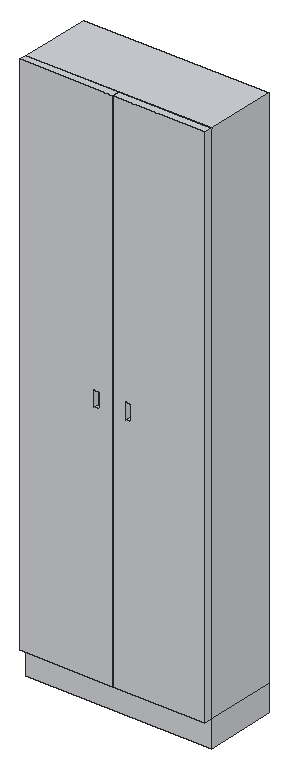
Revit family "21300_制御盤", category Electrical Equipment, Revit 2020
Family settings
  Panel Configuration = Two Columns, Circuits Across
  Round Connector Dimension = Use Diameter
  Part Type = Panelboard
  OmniClass Number = 23.80.30.11.17
  OmniClass Title = Distribution Boards and Control Panels
  Work Plane-Based = No
  Always vertical = Yes
  Cut with Voids When Loaded = No
  Shared = No
  Room Calculation Point = No
Parameters (values of type "両扉")
  非常放送端子 = 0
  電話端子 = ""
  電源種別_記号 [instance] = "A"
  電源種別 = "一般"
  開閉形式 = "両開き"
  運転質量 = 0.00 kg
  質量 = 0.00 kg
  負荷種別_記号 [instance] = "L"
  負荷種別 = "動力"
  負荷分類 = 6_その他_動力
  設置方法 = "床"
  設置年月 [instance] = ""
  記号 [instance] = 盤記号  # ""
  製造番号 [instance] = ""
  製品質量 = 300.00 kg
  製品出荷対象 = ""
  製品リリース年月 = ""
  製品グループ = ""
  系統 [instance] = ""
  符号 = "P"
  積算_科目2 = ""
  積算_科目 = "2 動力設備"
  積算_拾い区分 [instance] = ""
  積算_中科目 = ""
  相 = 3
  盤記号2 [instance] = ""
  盤記号 [instance] = ""
  盤仕様記号 = "T"
  特殊仕様 = "一般形(露出形、ドアあり)"
  法定耐用年数 = "15"
  機械基礎質量 [instance] = 0.00 kg
  機械基礎 [instance] = no
  極数 [instance] = 3
  材質_本体 = none
  材質 [instance] = ""
  Default Elevation = 0 mm
  形式2 = "露出形"
  形式 = "屋内形"
  幹線通し番号 [instance] = 11
  幹線記号 [instance] = "AL11 ー 11"
  左扉 = no
  定格入力電圧 [instance] = 200 V
  変圧器通し番号 [instance] = 幹線通し番号  # 11
  呼称 = "制御盤"
  名称 [instance] = ""
  右扉 = no
  取扱説明書URL = ""
  参照している仕様書等のバージョン = ""
  分類コード = "40201150100000"
  分類グループ = ""
  企業コード = ""
  付属品 [instance] = ""
  仕様書バージョン = "Version1.0"
  予備端子 = 0
  予備スペース = ""
  両扉 = yes
  built-in parameter 1155100 [instance] = -1
  トイレ非常呼出端子 = 0
  テレビ端子 = ""
  built-in parameter 1140142 [instance] = -1
  コメント [instance] = ""
  Keynote = ""
  キャビネット形式記号 = "V"
  キャビネット形式 = "自立形"
  インターホン端子 = 0
  Width_right_door [instance] = Width / 2  # 350 mm
  Width_left_door [instance] = Width / 2  # 350 mm
  Width [instance] = 700 mm
  Version = ""
  Uniclass2015Version = "Systems v1.9"
  Uniclass2015Title = "Distribution boards"
  Uniclass2015Code = "Pr_60_70_22_22"
  SpecificationReference = ""
  SpecificationDescription = ""
  Revision = ""
  ProductInformation = ""
  OmniClassCode = "23.80.30.11.17"
  built-in parameter 1140140 [instance] = 1 (stored number, unit not read)
  IfcTypeProduct = ""
  IfcProduct = ""
  IfcExportType = "MOTORCONTROLCENTRE"
  IfcExportAs = "IfcElectricDistributionBoardType"
  Height [instance] = 2100 mm
  FamilyVersion = "ver1.6"
  Depth [instance] = 300 mm
  Clearance Top = 0 mm
  Clearance Right = 0 mm
  Clearance Left = 0 mm
  Clearance Front_Door [instance] = if(両扉, Width / 2, if(右扉, Width, if(左扉, Width, 0 mm)))  # 350 mm
  Clearance Front = 0 mm
  Clearance Bottom = 0 mm
  Clearance Back = 0 mm
  Author = "Revit User Group Japan"
Reference planes
  plane 1: y = 0
  plane 2: z = 0
  plane 3: x = 0
  plane 4: y = -320
  plane 5: x = -350
  plane 6: x = 350
  plane 7: z = 0
  plane 8: x = -330
  plane 9: x = 330
  plane 10: y = -70
  plane 11: y = -350
  plane 12: z = 0
  plane 13: y = -50
  plane 14: y = -400
  plane 15: z = 2100
  plane 16: z = 2080
  plane 17: z = 100
Forms (mm)
  Extrusion 1, solid, material <- "材質_本体"
    sketch origin (0, -50, 0) x (1, 0, 0) y (0, 1, 0)
      loop
        line (-350, -270) -> (350, -270) -> (350, 0) -> (-350, 0) -> (-350, -270)
    from 0 to 100
  Extrusion 2, solid, material <- "材質_本体"
    sketch origin (0, -50, 0) x (1, 0, 0) y (0, 1, 0)
      loop
        line (-350, -270) -> (-330, -270) -> (-330, -20) -> (330, -20) -> (330, -270) -> (350, -270) -> (350, 0) -> (-350, 0) -> (-350, -270)
    from 2080 to 100
  Extrusion 3, solid, material <- "材質_本体"
    sketch origin (0, -50, 0) x (1, 0, 0) y (0, 1, 0)
      loop
        line (-350, -270) -> (350, -270) -> (350, 0) -> (-350, 0) -> (-350, -270)
    from 2080 to 2100
Cuts and joins
  joined: Extrusion 2, Extrusion 3
Lines and regions (mm)
  symbolic lines, detail levels fine
    curve 1: line (350, -50, 0) -> (-350, -50, 0)
    curve 2: line (-350, -50, 0) -> (-350, -320, 0)
    curve 3: line (-350, -350, 0) -> (-350, -320, 0)
    curve 4: line (-350, -320, 0) -> (350, -320, 0)
    curve 5: line (-350, -350, 0) -> (350, -350, 0)
    curve 6: line (350, -350, 0) -> (350, -320, 0)
    curve 7: line (350, -320, 0) -> (350, -50, 0)
  symbolic lines, style "サービススペース", detail levels fine
    curve 8: line (-350, -50, 0) -> (-350, -350, 0)
    curve 9: line (350, -50, 0) -> (-350, -50, 0)
    curve 10: line (350, -350, 0) -> (350, -50, 0)
    curve 11: line (-350, -350, 0) -> (350, -350, 0)
  symbolic lines, style "サービススペース", visible <- "右扉", detail levels fine
    curve 12: arc (-350.01, -350, 0) -> (-144.98, -844.985, 0) -> (350.005, -1050.014, 0) r 700.014
    curve 13: line (350.005, -1050.014, 0) -> (350, -50, 0)
  symbolic lines, style "サービススペース", visible <- "左扉", detail levels fine
    curve 14: arc (350, -350, 0) -> (144.975, -844.975, 0) -> (-350, -1050, 0) r 700
    curve 15: line (-350, -1050, 0) -> (-350, -350, 0)
  symbolic lines, style "サービススペース", visible <- "両扉", detail levels fine
    curve 16: arc (0, -350, 0) -> (102.513, -597.487, 0) -> (350, -700, 0) r 350
    curve 17: line (350, -350, 0) -> (350, -700, 0)
    curve 18: arc (0, -350, 0) -> (-102.513, -597.487, 0) -> (-350, -700, 0) r 350
    curve 19: line (-350, -350, 0) -> (-350, -700, 0)
Dimensions and locks
  equal spacing: plane 5, plane 3, plane 6
  "Width": plane 5 to plane 6
  locked: plane 5 to plane 8 at 20
  locked: plane 9 to plane 6 at 20
  locked: plane 7 to plane 2
  "Depth": plane 11 to plane 13
  locked: plane 13 to plane 1 at 50
  locked: plane 10 to plane 13 at 20
  locked: plane 11 to plane 4 at 30
  plane 14 to plane 1 = 400 mm
  locked: plane 17 to plane 7 at 100
  "Height": plane 15 to plane 7
  locked: plane 15 to plane 16 at 20
  aligned and locked: level to plane 2
  aligned and locked: plane 4 to Extrusion 1 sketch curve
  aligned and locked: plane 5 to Extrusion 1 sketch curve
  aligned and locked: plane 6 to Extrusion 1 sketch curve
  aligned and locked: plane 5 to Extrusion 2
  aligned and locked: Extrusion 2 to plane 8
  aligned and locked: plane 10 to Extrusion 2
  aligned and locked: plane 6 to Extrusion 2
  aligned and locked: Extrusion 2 to plane 9
  aligned and locked: plane 4 to Extrusion 2  (x2)
  aligned and locked: Extrusion 3 sketch curve to Extrusion 1  (x4)
  aligned and locked: plane 6 to cut or joined group of Extrusion 2, Extrusion 3
  aligned and locked: plane 5 to nested 1
  aligned and locked: plane 5 to cut or joined group of Extrusion 2, Extrusion 3
  aligned and locked: plane 11 to nested 1  (x2)
  aligned and locked: plane 4 to nested 1
  aligned and locked: plane 4 to nested 2
  aligned and locked: plane 11 to nested 2  (x3)
  aligned and locked: plane 4 to nested 3
  aligned and locked: plane 11 to nested 3  (x3)
  aligned and locked: nested 2 to plane 5
  aligned and locked: plane 4 to cut or joined group of Extrusion 2, Extrusion 3
  aligned and locked: plane 4 to Extrusion 1
  aligned and locked: nested 2 to plane 4  (x2)
  aligned and locked: nested 3 to plane 4  (x2)
  aligned and locked: plane 5 to nested 3
  aligned and locked: nested 1 to plane 4  (x2)
  aligned and locked: plane 6 to Extrusion 1
  aligned and locked: cut or joined group of Extrusion 2, Extrusion 3 to plane 13
  aligned and locked: Extrusion 1 to plane 13
  aligned and locked: plane 15 to cut or joined group of Extrusion 2, Extrusion 3
  aligned and locked: cut or joined group of Extrusion 2, Extrusion 3 to plane 16
  aligned and locked: plane 16 to cut or joined group of Extrusion 2, Extrusion 3
  aligned and locked: plane 17 to Extrusion 1
  aligned and locked: cut or joined group of Extrusion 2, Extrusion 3 to plane 17
  aligned and locked: plane 17 to nested 3
  aligned and locked: plane 17 to nested 2
  aligned and locked: plane 17 to nested 1
  aligned and locked: Extrusion 1 to plane 7
  aligned and locked: curve 1 to cut or joined group of Extrusion 2, Extrusion 3
  aligned and locked: curve 2 to cut or joined group of Extrusion 2, Extrusion 3
  aligned and locked: curve 3 to nested 2
  aligned and locked: curve 4 to nested 3
  aligned and locked: curve 5 to nested 3
  aligned and locked: curve 7 to cut or joined group of Extrusion 2, Extrusion 3
  aligned and locked: plane 3 to nested 4
  aligned and locked: plane 13 to nested 4
Automatic sketch dimensions
  plane 4 to Extrusion 2 sketch curve = 0 mm  (x2)
  Extrusion 2 sketch curve to plane 5 = 0 mm
  Extrusion 2 sketch curve to plane 8 = 0 mm
  Extrusion 2 sketch curve to plane 9 = 0 mm
  Extrusion 2 sketch curve to plane 6 = 0 mm
  plane 10 to Extrusion 2 sketch curve = 0 mm
  plane 1 to Extrusion 2 sketch curve = 50 mm
  plane 13 to Extrusion 1 sketch curve = 0 mm
  plane 11 to curve 12 = 0 mm
  curve 8 to plane 5 = 0 mm
  curve 18 to plane 3 = 0 mm
  curve 16 to plane 3 = 0 mm
  curve 9 to plane 6 = 0 mm
  plane 13 to curve 9 = 0 mm
  curve 10 to curve 12 = 0.005 mm
  curve 13 to curve 17 = 350.014 mm
Nested families
  nested 1: "両扉" at (0, -320, 0), visible <- "両扉", type "両扉"
  nested 2: "右扉" at (-350, -320, 0), visible <- "右扉", type "右扉"
  nested 3: "左扉" at (350, -320, 0), visible <- "左扉", type "左扉"
  nested 4: "シンボル" at (0, -50, 0), Depth <- "Depth", Width <- "Width", type "シンボル"
    with Width 700 mm, Depth 300 mm
Connectors
  electrical at (0, -185, 2100), driven by "極数", driven by "負荷分類", driven by "定格入力電圧"
    settings: on cut or joined group of Extrusion 2, Extrusion 3, index 1, voltage 200 V, apparent load 0 VA, apparent load phase1 0 VA, apparent load phase2 0 VA, apparent load phase3 0 VA, power factor 1, load classification "6_その他_動力", number of poles 3, system type 30, power factor state 1, is connector primary yes, connector utility no, sub classification motor no, connector description ""
Definition of nested family "両扉"
  Parameters (values of type "両扉")
    Default Elevation = 0 mm
    扉 = none
    h1 = Height / 2  # 1000 mm
    Width_right_door = 350 mm
    Width_left_door = 350 mm
    Height = 2000 mm
    Depth = 30 mm
  Reference planes
    plane 1 "中心(正面/背面)": y = 0
    plane 2: z = 0
    plane 3 "中心(左/右)": x = 0
    plane 4: y = -30
    plane 5: y = -10
    plane 6: x = -350
    plane 7: z = 100
    plane 8: z = 2000
    plane 9: x = 350
    plane 10: x = 50
    plane 11: x = -50
    plane 12: x = 70
    plane 13: x = -70
    plane 14: z = 1000
    plane 15: z = 970
    plane 16: z = 1030
  Forms (mm)
    Extrusion 1, solid, material <- "扉"
      sketch origin (600, 0, 0) x (1, 0, 0) y (0, 1, 0)
        loop
          line (-600, -30) -> (-250, -30) -> (-250, 0) -> (-600, 0) -> (-600, -30)
      from 2000 to 100
    Extrusion 2, void
      sketch origin (600, 0, 0) x (1, 0, 0) y (0, 0, 1)
        loop
          line (-550, 970) -> (-530, 970) -> (-530, 1030) -> (-550, 1030) -> (-550, 970)
      from 193.475 to 10
    Extrusion 3, solid, material <- "扉"
      sketch origin (-600, 0, 0) x (1, 0, 0) y (0, 1, 0)
        loop
          line (250, -30) -> (600, -30) -> (600, 0) -> (250, 0) -> (250, -30)
      from 2000 to 100
    Extrusion 4, void
      sketch origin (0, 0, 0) x (1, 0, 0) y (0, 0, 1)
        loop
          line (-70, 970) -> (-50, 970) -> (-50, 1030) -> (-70, 1030) -> (-70, 970)
      from 150 to 10
  Cuts and joins
    Extrusion 2 cuts Extrusion 1
    Extrusion 4 cuts Extrusion 3
  Dimensions and locks
    locked: plane 7 to plane 2 at 100
    "Depth": plane 4 to plane 1 "中心(正面/背面)"
    "Width_left_door": plane 6 to plane 3 "中心(左/右)"
    "Width_right_door": plane 3 "中心(左/右)" to plane 9
    "Height": plane 8 to plane 2
    plane 13 to plane 11 to plane 3 "中心(左/右)" to plane 10 to plane 12 = 20 mm locked, 50 mm locked, 50 mm locked, 20 mm locked
    locked: plane 4 to plane 5 at 20
    plane 16 to plane 15 = 60 mm
    equal spacing: plane 16, plane 14, plane 15
    "h1": plane 14 to plane 2
    aligned and locked: level to plane 2
    aligned and locked: plane 4 to Extrusion 1 sketch curve
    aligned and locked: cut or joined group of Extrusion 1, Extrusion 2 to plane 3 "中心(左/右)"
    aligned and locked: plane 9 to cut or joined group of Extrusion 1, Extrusion 2
    aligned and locked: cut or joined group of Extrusion 1, Extrusion 2 to plane 1 "中心(正面/背面)"
    aligned and locked: plane 4 to cut or joined group of Extrusion 1, Extrusion 2  (x2)
    aligned and locked: cut or joined group of Extrusion 1, Extrusion 2 to plane 7
    aligned and locked: plane 8 to cut or joined group of Extrusion 1, Extrusion 2
    aligned and locked: Extrusion 3 to plane 1 "中心(正面/背面)"
    aligned and locked: plane 3 "中心(左/右)" to Extrusion 3
    aligned and locked: plane 6 to Extrusion 3
    aligned and locked: plane 4 to Extrusion 3
    aligned and locked: plane 8 to Extrusion 3
    aligned and locked: Extrusion 3 to plane 7
    aligned and locked: plane 13 to Extrusion 4 sketch curve
    aligned and locked: Extrusion 4 sketch curve to plane 11
    aligned and locked: cut or joined group of Extrusion 3, Extrusion 4 to plane 15
    aligned and locked: cut or joined group of Extrusion 1, Extrusion 2 to plane 15
    aligned and locked: plane 16 to cut or joined group of Extrusion 3, Extrusion 4
    aligned and locked: plane 16 to cut or joined group of Extrusion 1, Extrusion 2
    aligned and locked: cut or joined group of Extrusion 1, Extrusion 2 to plane 10
    aligned and locked: plane 12 to cut or joined group of Extrusion 1, Extrusion 2
  Automatic sketch dimensions
    plane 1 "中心(正面/背面)" to Extrusion 1 sketch curve = 0 mm
    Extrusion 1 sketch curve to plane 3 "中心(左/右)" = 0 mm
    Extrusion 1 sketch curve to plane 9 = 0 mm
    Extrusion 2 sketch curve to plane 10 = 0 mm
    Extrusion 2 sketch curve to plane 12 = 0 mm
    Extrusion 3 sketch curve to plane 5 = 10 mm
    Extrusion 3 sketch curve to plane 6 = 0 mm
    Extrusion 3 sketch curve to plane 3 "中心(左/右)" = 0 mm
    plane 4 to Extrusion 3 sketch curve = 0 mm
    Extrusion 4 sketch curve to plane 16 = 0 mm
    Extrusion 2 sketch curve to plane 15 = 0 mm
    Extrusion 4 sketch curve to plane 15 = 0 mm
    Extrusion 2 sketch curve to plane 16 = 0 mm
Definition of nested family "右扉"
  Parameters (values of type "右扉")
    Default Elevation = 0 mm
    扉 = none
    h1 = Height / 2  # 1000 mm
    Width = 700 mm
    Height = 2000 mm
    Depth = 30 mm
  Reference planes
    plane 1 "中心(正面/背面)": y = 0
    plane 2: z = 0
    plane 3 "中心(左/右)": x = 0
    plane 4: x = 50
    plane 5: x = 70
    plane 6: z = 100
    plane 7: z = 2000
    plane 8: y = -30
    plane 9: y = -10
    plane 10: x = 700
    plane 11: z = 1000
    plane 12: z = 1030
    plane 13: z = 970
  Forms (mm)
    Extrusion 1, solid, material <- "扉"
      sketch origin (300, 0, 0) x (1, 0, 0) y (0, 1, 0)
        loop
          line (-300, -30) -> (400, -30) -> (400, 0) -> (-300, 0) -> (-300, -30)
      from 2000 to 100
    Extrusion 2, void
      sketch origin (300, 0, 0) x (1, 0, 0) y (0, 0, 1)
        loop
          line (-250, 970) -> (-230, 970) -> (-230, 1030) -> (-250, 1030) -> (-250, 970)
      from 1000 to 10
  Cuts and joins
    Extrusion 2 cuts Extrusion 1
  Dimensions and locks
    locked: plane 6 to plane 2 at 100
    "Width": plane 3 "中心(左/右)" to plane 10
    "Depth": plane 8 to plane 1 "中心(正面/背面)"
    locked: plane 8 to plane 9 at 20
    "Height": plane 7 to plane 2
    plane 3 "中心(左/右)" to plane 4 to plane 5 = 50 mm locked, 20 mm locked
    plane 12 to plane 13 = 60 mm
    equal spacing: plane 12, plane 11, plane 13
    "h1": plane 11 to plane 2
    aligned and locked: level to plane 2
    aligned and locked: Extrusion 2 sketch curve to plane 4
    aligned and locked: plane 5 to Extrusion 2 sketch curve
    aligned and locked: cut or joined group of Extrusion 1, Extrusion 2 to plane 9
    aligned and locked: plane 8 to cut or joined group of Extrusion 1, Extrusion 2  (x2)
    aligned and locked: plane 10 to cut or joined group of Extrusion 1, Extrusion 2
    aligned and locked: cut or joined group of Extrusion 1, Extrusion 2 to plane 1 "中心(正面/背面)"
    aligned and locked: cut or joined group of Extrusion 1, Extrusion 2 to plane 3 "中心(左/右)"
    aligned and locked: plane 9 to cut or joined group of Extrusion 1, Extrusion 2
    aligned and locked: plane 5 to cut or joined group of Extrusion 1, Extrusion 2
    aligned and locked: cut or joined group of Extrusion 1, Extrusion 2 to plane 4
    aligned and locked: cut or joined group of Extrusion 1, Extrusion 2 to plane 7
    aligned and locked: cut or joined group of Extrusion 1, Extrusion 2 to plane 6
    aligned and locked: cut or joined group of Extrusion 1, Extrusion 2 to plane 13
    aligned and locked: plane 12 to cut or joined group of Extrusion 1, Extrusion 2
  Automatic sketch dimensions
    Extrusion 1 sketch curve to plane 3 "中心(左/右)" = 0 mm
    plane 1 "中心(正面/背面)" to Extrusion 1 sketch curve = 30 mm
    Extrusion 1 sketch curve to Extrusion 1 sketch curve = 30 mm
    plane 5 to Extrusion 1 sketch curve = 630 mm
    Extrusion 2 sketch curve to plane 13 = 0 mm
    Extrusion 2 sketch curve to plane 12 = 0 mm
Definition of nested family "左扉"
  Parameters (values of type "左扉")
    Default Elevation = 0 mm
    扉 = none
    h1 = Height / 2  # 1000 mm
    Width = 700 mm
    Height = 2000 mm
    Depth = 30 mm
  Reference planes
    plane 1 "中心(正面/背面)": y = 0
    plane 2: z = 0
    plane 3 "中心(左/右)": x = 0
    plane 4: y = -30
    plane 5: y = -10
    plane 6: x = -700
    plane 7: x = -50
    plane 8: x = -70
    plane 9: z = 100
    plane 10: z = 2000
    plane 11: z = 1000
    plane 12: z = 1030
    plane 13: z = 970
  Forms (mm)
    Extrusion 1, solid, material <- "扉"
      sketch origin (-300, 270, 0) x (1, 0, 0) y (0, 1, 0)
        loop
          line (-400, -300) -> (300, -300) -> (300, -270) -> (-400, -270) -> (-400, -300)
      from 2000 to 100
    Extrusion 2, void
      sketch origin (0, 0, 0) x (1, 0, 0) y (0, 0, 1)
        loop
          line (-70, 970) -> (-50, 970) -> (-50, 1030) -> (-70, 1030) -> (-70, 970)
      from 150 to 10
  Cuts and joins
    Extrusion 2 cuts Extrusion 1
  Dimensions and locks
    locked: plane 9 to plane 2 at 100
    "Width": plane 6 to plane 3 "中心(左/右)"
    "Depth": plane 4 to plane 1 "中心(正面/背面)"
    locked: plane 4 to plane 5 at 20
    "Height": plane 10 to plane 2
    plane 8 to plane 7 to plane 3 "中心(左/右)" = 20 mm locked, 50 mm locked
    equal spacing: plane 12, plane 11, plane 13
    plane 12 to plane 13 = 60 mm
    "h1": plane 11 to plane 2
    aligned and locked: level to plane 2
    aligned and locked: plane 6 to Extrusion 1 sketch curve
    aligned and locked: Extrusion 1 to plane 9
    aligned and locked: plane 10 to Extrusion 1
    aligned and locked: Extrusion 1 to plane 1 "中心(正面/背面)"
    aligned and locked: plane 4 to Extrusion 1
    aligned and locked: plane 3 "中心(左/右)" to Extrusion 1
    aligned and locked: plane 6 to Extrusion 1
    aligned and locked: plane 8 to Extrusion 2 sketch curve
    aligned and locked: Extrusion 2 sketch curve to plane 7
    aligned and locked: cut or joined group of Extrusion 1, Extrusion 2 to plane 5
    aligned and locked: cut or joined group of Extrusion 1, Extrusion 2 to plane 7
    aligned and locked: plane 8 to cut or joined group of Extrusion 1, Extrusion 2
    aligned and locked: plane 12 to cut or joined group of Extrusion 1, Extrusion 2
    aligned and locked: cut or joined group of Extrusion 1, Extrusion 2 to plane 13
  Automatic sketch dimensions
    plane 1 "中心(正面/背面)" to Extrusion 1 sketch curve = 0 mm
    Extrusion 1 sketch curve to Extrusion 1 sketch curve = 30 mm
    Extrusion 1 sketch curve to plane 3 "中心(左/右)" = 0 mm
    Extrusion 2 sketch curve to plane 13 = 0 mm
    plane 12 to Extrusion 2 sketch curve = 0 mm
Definition of nested family "シンボル"
  Parameters (values of type "シンボル")
    Width [instance] = 600 mm
    Depth [instance] = 300 mm
  Reference planes
    plane 1 "中心(正面/背面)": y = 0
    plane 2: z = 0
    plane 3 "中心(左/右)": x = 0
    plane 4: x = 300
    plane 5: x = -300
    plane 6: y = -300
    plane 7: y = -150
  Lines and regions (mm)
    Filled region 1, type "塗り潰し - 黒", in view "参照レベル"
      outline origin (0, 0, 0) x (1, 0, 0) y (0, 1, 0)
        loop
          line (0, -150) -> (-300, 0) -> (-300, -300) -> (0, -150)
    Filled region 2, type "塗り潰し - 黒", in view "参照レベル"
      outline origin (0, 0, 0) x (1, 0, 0) y (0, 1, 0)
        loop
          line (0, -150) -> (300, -300) -> (300, 0) -> (0, -150)
    Masking region 1, in view "参照レベル"
      outline origin (0, 0, 0) x (1, 0, 0) y (0, 1, 0)
        loop
          line (-300, 0) -> (0, -150) -> (300, 0) -> (-300, 0)
    Masking region 2, in view "参照レベル"
      outline origin (0, 0, 0) x (1, 0, 0) y (0, 1, 0)
        loop
          line (-300, -300) -> (300, -300) -> (0, -150) -> (-300, -300)
    detail lines, in view "参照レベル"
      curve 1: line (-300, -300, 0) -> (300, -300, 0)
      curve 2: line (-300, 0, 0) -> (-300, -300, 0)
      curve 3: line (300, 0, 0) -> (-300, 0, 0)
      curve 4: line (300, -300, 0) -> (300, 0, 0)
    reference lines, in view "参照レベル"
      curve 5: line (-300, -300, 0) -> (300, 0, 0)
      curve 6: line (-300, 0, 0) -> (300, -300, 0)
  Dimensions and locks
    equal spacing: plane 5, plane 3 "中心(左/右)", plane 4
    "Width": plane 5 to plane 4
    "Depth": plane 6 to plane 1 "中心(正面/背面)"
    equal spacing: plane 6, plane 7, plane 1 "中心(正面/背面)"
    aligned and locked: plane 6 to curve 1
    aligned and locked: curve 3 to plane 1 "中心(正面/背面)"
    aligned and locked: plane 5 to curve 2
    aligned and locked: plane 4 to curve 4  (x2)
    aligned and locked: plane 5 to curve 3
    aligned and locked: Filled region 1 sketch curve to curve 5
    aligned and locked: Filled region 1 sketch curve to curve 6
    aligned and locked: Filled region 1 sketch curve to curve 2
    aligned and locked: Filled region 1 to Filled region 2 sketch curve
    aligned and locked: Filled region 2 sketch curve to curve 6
    aligned and locked: Filled region 2 sketch curve to curve 4
    aligned and locked: Masking region 1 sketch curve to curve 6
    aligned and locked: Filled region 1 to Masking region 1 sketch curve
    aligned and locked: Masking region 1 sketch curve to curve 3
    aligned and locked: Masking region 2 sketch curve to curve 5
    aligned and locked: Masking region 2 sketch curve to curve 6
    aligned and locked: Masking region 2 sketch curve to curve 1
  Automatic sketch dimensions
    plane 1 "中心(正面/背面)" to curve 6 = 0 mm
    curve 6 to plane 5 = 0 mm
    curve 5 to plane 5 = 0 mm
    curve 6 to plane 4 = 0 mm
    plane 1 "中心(正面/背面)" to curve 5 = 0 mm
    curve 5 to plane 4 = 0 mm
    plane 6 to curve 6 = 0 mm
    plane 6 to curve 5 = 0 mm
